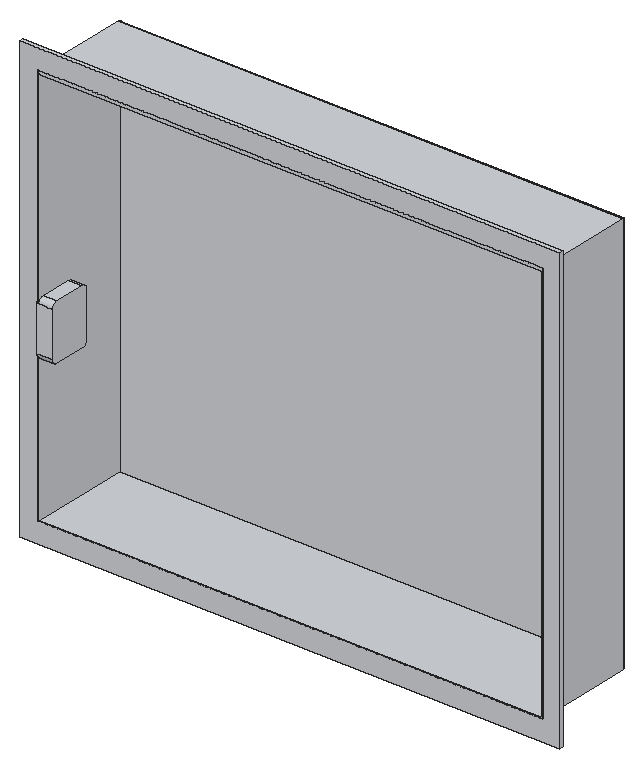
Revit family "НЕВАТОМ_Клапан KD-120-AxB-F1-VN-MN-24(220)-04", category Арматура воздуховодов, Revit 2017
Family settings
  Размер круглого соединителя = Использовать диаметр
  Тип детали = Вставляется
  На основе рабочей плоскости = Нет
  Всегда вертикально = Да
  При загрузке вырезать с полостями = Нет
  Общий = Нет
Parameters (values of type "НЕВАТОМ_Клапан KD-120-AxB-F1-VN-MN-24(220)-04")
  Постоянная ширина [instance] = 200 mm
  НЕВАТОМ_URL [instance] = "https://t.me/NEVATOM_Bim_bot"
  Клапан = "НЕВАТОМ_Клапан KD-120-AxB-F1-VN-MN-24(220)-04"  # constant formula
  НЕВАТОМ_открытое положение заслонки [instance] = no
  НЕВАТОМ_закрытое положение заслонки [instance] = and(not(НЕВАТОМ_открытое положение заслонки))  # yes
  Выбор напряжения [instance] = if(U24, 1 mm, 0 mm)  # 0 mm
  t фланца = 2.5 mm
  t корпуса = 220 mm - 2.5 mm  # 217.5 mm
  h прохода = 220 mm - 5 mm  # 215 mm
  U24 [instance] = no
  U220 [instance] = and(not(U24))  # yes
  B-16 [instance] = B  # 800 mm
  B+80 [instance] = B + 80 mm  # 880 mm
  B+50 [instance] = B + 50 mm  # 850 mm
  B [instance] = 800 mm
  ADSK_Ток = 3 A  # constant formula
  ADSK_Размер_Ширина [instance] = A  # 1000 mm
  ADSK_Размер_Высота [instance] = B  # 800 mm
  ADSK_Предел огнестойкости = "120"  # constant formula
  ADSK_Полная мощность = 4.2 VA  # constant formula
  ADSK_Обозначение = ""
  ADSK_Номинальная мощность = ADSK_Полная мощность * ADSK_Коэффициент мощности  # 4.2 W
  ADSK_Напряжение [instance] = if(U24, 24 V, 220 V)  # 220 V
  ADSK_Наименование [instance] = "Клапан дымоудаления стеновой"  # constant formula
  ADSK_Масса [instance] = size_lookup(Клапан, "N", 0, A, B, Выбор напряжения)  # 20.9
  ADSK_Марка [instance] = size_lookup(Клапан, "", "нестандартное исполнение", A, B, Выбор напряжения)  # "KD-120-1000x800-F1-VN-MN-220"
  ADSK_Коэффициент мощности = 1  # constant formula
  ADSK_Количество = 1  # constant formula
  ADSK_Код изделия = ""
  ADSK_Зона = ""
  ADSK_Завод-изготовитель = "НЕВАТОМ"  # constant formula
  ADSK_Единица измерения = "шт."  # constant formula
  A-10 [instance] = A - 10 mm  # 990 mm
  A+70 [instance] = A + 70 mm  # 1070 mm
  A+40 [instance] = A + 40 mm  # 1040 mm
  A [instance] = 1000 mm
Reference planes
  plane 1 "По центру (Вперед/Назад)": y = 93.784
  plane 2: z = 0
  plane 3 "По центру (Влево/Вправо)": x = 0
  plane 4: y = -106.216
  plane 5: z = 440
  plane 6: z = -440
  plane 7: x = -535
  plane 8: x = 535
  plane 9: x = -500
  plane 10: x = 500
  plane 11: z = 400
  plane 12: z = -400
  plane 13 "заслонка": y = 570
  plane 14: y = -106.216
Forms (mm)
  Extrusion 1, solid, detail levels medium+fine
    sketch origin (0, 93.784, 0) x (1, 0, 0) y (0, 0, 1)
      loop
        line (-535, 440) -> (-535, -440) -> (535, -440) -> (535, 440) -> (-535, 440)
      loop
        line (-500, 400) -> (-500, -400) -> (500, -400) -> (500, 400) -> (-500, 400)
    from 193.784 to 200
  Extrusion 2, solid, detail levels medium+fine
    sketch origin (0, 93.784, 0) x (1, 0, 0) y (0, 0, 1)
      loop
        line (-500, 400) -> (-500, -400) -> (500, -400) -> (500, 400) -> (-500, 400)
      loop
        line (-498, 394.621) -> (-498, -399.108) -> (498, -399.108) -> (498, 394.621) -> (-498, 394.621)
    from 0 to 200
  Extrusion 3, solid, visible <- "НЕВАТОМ_закрытое положение заслонки", detail levels medium+fine
    sketch origin (0, 93.784, 0) x (0, 1, 0) y (0, 0, 1)
      loop
        line (0, 400) -> (0, -400) -> (1.324, -400) -> (1.324, 400) -> (0, 400)
    from 500 to -500
Dimensions and locks
  equal spacing: plane 5, level, plane 6
  equal spacing: plane 11, level, plane 12
  plane 8 to plane 3 "По центру (Влево/Вправо)" to plane 7 = 535 mm, 535 mm
  plane 10 to plane 3 "По центру (Влево/Вправо)" to plane 9 = 500 mm, 500 mm
  "A+70": plane 8 to plane 7
  "A": plane 10 to plane 9
  "B+80": plane 5 to plane 6
  "B-16": plane 11 to plane 12
  locked: Extrusion 1 to Extrusion 1 at 6.216
  locked: Extrusion 2 sketch curve to Extrusion 1 at 0.892
  "Постоянная ширина": plane 1 "По центру (Вперед/Назад)" to plane 4
  Extrusion 2 to Extrusion 3 sketch curve = 1.324 mm
  locked: Extrusion 3 to Extrusion 3 at 1.324
  Extrusion 3 to Extrusion 3 = 1000 mm
  Extrusion 3 to Extrusion 3 = 800 mm
  plane 11 to level to plane 12 = 400 mm, 400 mm
  plane 10 to plane 9 = 1000 mm
  Extrusion 2 sketch curve to Extrusion 2 sketch curve = 2 mm  (x2)
  equal spacing: plane 9, plane 3 "По центру (Влево/Вправо)", plane 10
  plane 9 to plane 10 = 1000 mm
  equal spacing: plane 8, plane 3 "По центру (Влево/Вправо)", plane 7
  aligned and locked: level to plane 2
  aligned and locked: Extrusion 1 sketch curve to plane 5
  aligned and locked: plane 6 to Extrusion 1 sketch curve
  aligned and locked: Extrusion 1 sketch curve to plane 11
  aligned and locked: plane 12 to Extrusion 1 sketch curve
  aligned and locked: Extrusion 1 to plane 4
  aligned and locked: Extrusion 2 sketch curve to plane 11
  aligned and locked: plane 12 to Extrusion 2 sketch curve
  aligned and locked: Extrusion 2 to plane 4
  aligned and locked: Extrusion 2 to plane 1 "По центру (Вперед/Назад)"
  aligned and locked: plane 4 to plane 14
  aligned and locked: plane 12 to Extrusion 3 sketch curve
  aligned and locked: Extrusion 3 sketch curve to plane 11
  aligned and locked: plane 1 "По центру (Вперед/Назад)" to Extrusion 3
  aligned and locked: plane 10 to Extrusion 2
  aligned and locked: Extrusion 3 to plane 9
  aligned and locked: plane 10 to Extrusion 3
  aligned and locked: plane 8 to Extrusion 1
  aligned and locked: Extrusion 1 to plane 7
  aligned and locked: nested 2 to plane 9
Automatic sketch dimensions
  Extrusion 3 sketch curve to plane 1 "По центру (Вперед/Назад)" = 0 mm
  Extrusion 2 sketch curve to plane 11 = 5.379 mm
  Extrusion 2 sketch curve to plane 9 = 0 mm
  Extrusion 2 sketch curve to plane 10 = 0 mm
  Extrusion 1 sketch curve to plane 7 = 0 mm
  plane 7 to Extrusion 1 sketch curve = 35 mm
  Extrusion 1 sketch curve to plane 10 = 0 mm
  plane 10 to Extrusion 1 sketch curve = 35 mm
Nested families
  nested 1: "Семейство1" at (0, 0, 0), A-30 <- "A-10", B-16 <- "B-16", visible <- "НЕВАТОМ_открытое положение заслонки", type "Семейство1"
    with B-16 800 mm, A-30 990 mm
  nested 2: "НЕВАТОМ_Привод Tasa_Sasa" at (-468.878, -59.151, -35) x (0, 1, 0) z (1, 0, 0), type "Привод TASA/SASA", detail levels medium+fine
  nested 3: "НЕВАТОМ_УГО_Клапан KD" at (0, -6.216, 0) x (-1, 0, 0) z (0, 0, 1), Ширина клапана <- "ADSK_Размер_Ширина", Толщина клапана <- "Постоянная ширина", type "НЕВАТОМ_УГО_Клапан KD"
    with Ширина клапана 1000 mm, Толщина клапана 200 mm
Connectors
  hvac at (0, 93.784, -2.243), driven by "B", driven by "A"
    settings: on Extrusion 2, index 1, duct flow 0.0 L/s, flow factor 0, pres drop 0.0 Pa, loss coef 0, conn angle 0.00°, conn width 1000 mm, conn height 800 mm, conn diameter 609.6 mm, duct sys type 28, conn prof type 1, flow config 0, flow direction 0, loss method 0, conn ref index -1, conn util no, is conn primary yes, conn desc ""
  hvac at (0, -106.216, 0), driven by "B", driven by "A"
    settings: on Extrusion 1, index 2, duct flow 0.0 L/s, flow factor 0, pres drop 0.0 Pa, loss coef 0, conn angle 0.00°, conn width 1000 mm, conn height 800 mm, conn diameter 609.6 mm, duct sys type 28, conn prof type 1, flow config 0, flow direction 0, loss method 0, conn ref index -1, conn util no, is conn primary no, conn desc ""
  hvac at (0, -106.216, 0), driven by "B", driven by "A"
    settings: on Extrusion 1, index 3, duct flow 0.0 L/s, flow factor 0, pres drop 0.0 Pa, loss coef 0, conn angle 0.00°, conn width 1000 mm, conn height 800 mm, conn diameter 609.6 mm, duct sys type 28, conn prof type 1, flow config 0, flow direction 0, loss method 0, conn ref index -1, conn util no, is conn primary no, conn desc ""
  electrical at (-500, -6.216, 0), driven by "ADSK_Напряжение", driven by "ADSK_Полная мощность"
    settings: on Extrusion 2, index 4, voltage 220 V, apparent load 0 VA, apparent load phase1 4.2 VA, apparent load phase2 0 VA, apparent load phase3 0 VA, power factor 1, load classification "Прочее", number of poles 1, system type 31, power factor state 1, is connector primary yes, connector utility no, sub classification motor no, connector description ""
Definition of nested family "Семейство1"
  Parameters (values of type "Семейство1")
    B-16 [instance] = 800 mm
    A-30 [instance] = 800 mm
  Reference planes
    plane 1 "По центру (Вперед/Назад)": y = 0
    plane 2: z = 0
    plane 3 "По центру (Влево/Вправо)": x = 0
    plane 4: y = 400
    plane 5: y = -400
    plane 6: x = -400
    plane 7: x = 400
  Forms (mm)
    Extrusion 1, solid
      sketch origin (0, 0, 0) x (1, 0, 0) y (0, 1, 0)
        loop
          line (-400, 400) -> (-400, -400) -> (400, -400) -> (400, 400) -> (-400, 400)
      from 0 to 3.086
  Dimensions and locks
    equal spacing: plane 6, plane 3 "По центру (Влево/Вправо)", plane 7
    equal spacing: plane 4, plane 1 "По центру (Вперед/Назад)", plane 5
    "B-16": plane 4 to plane 5
    "A-30": plane 6 to plane 7
    locked: Extrusion 1 to Extrusion 1 at 3.086  (x2)
    aligned and locked: level to plane 2
    aligned and locked: Extrusion 1 sketch curve to plane 7
    aligned and locked: Extrusion 1 sketch curve to plane 4
    aligned and locked: plane 6 to Extrusion 1 sketch curve
    aligned and locked: plane 5 to Extrusion 1 sketch curve
Definition of nested family "НЕВАТОМ_Привод Tasa_Sasa"
  Parameters (values of type "Привод TASA/SASA")
    ADSK_Этаж = ""
    ADSK_Предел огнестойкости = ""
    ADSK_Позиция = ""
    ADSK_Обозначение = ""
    ADSK_Наименование = "Привод TASA/SASA"  # constant formula
    ADSK_Марка = ""
    ADSK_Количество = 0
    ADSK_Код изделия = ""
    ADSK_Зона = ""
    ADSK_Единица измерения = ""
  Reference planes
    plane 1 "По центру (Вперед/Назад)": y = 0
    plane 2: z = 0
    plane 3 "По центру (Влево/Вправо)": x = 0
  Forms (mm)
    Extrusion 1, solid
      sketch origin (0, 0, 0) x (1, 0, 0) y (0, 1, 0)
        loop
          line (-48.065, 21.815) -> (-48.065, -68.118)
          arc (-48.065, -68.118) -> (-45.136, -75.189) -> (-38.065, -78.118) r 10
          line (-38.065, -78.118) -> (24.429, -78.118)
          arc (24.429, -78.118) -> (31.5, -75.189) -> (34.429, -68.118) r 10
          line (34.429, -68.118) -> (34.429, 21.815)
          arc (34.429, 21.815) -> (31.5, 28.886) -> (24.429, 31.815) r 10
          line (24.429, 31.815) -> (-38.065, 31.815)
          arc (-38.065, 31.815) -> (-45.136, 28.886) -> (-48.065, 21.815) r 10
      from 0 to -31.122
  Dimensions and locks
    aligned and locked: level to plane 2
Definition of nested family "НЕВАТОМ_УГО_Клапан KD"
  Parameters (values of type "НЕВАТОМ_УГО_Клапан KD")
    Ширина косой линии УГО = 150 mm
    Ширина клапана [instance] = 200 mm
    Толщина клапана [instance] = 120 mm
  Reference planes
    plane 1 "По центру (Вперед/Назад)": y = 0
    plane 2: z = 0
    plane 3 "По центру (Влево/Вправо)": x = 0
    plane 4: x = -100
    plane 5: x = 100
    plane 6: y = 60
    plane 7: y = -60
  Lines and regions (mm)
    symbolic lines, not visible
      curve 1: line (-77.5, 60, 0) -> (-77.5, -60, 0)
      curve 2: line (-22.5, 60, 0) -> (-22.5, -60, 0)
      curve 6: line (-50, 60, 0) -> (-50, -60, 0)
    model lines, not visible, detail levels coarse
      curve 3: line (-77.5, -60, 0) -> (-61.458, -24.999, 0)
      curve 4: circle (-50, 0, 0) r 27.5 normal (0, 0, 1)
      curve 5: line (-38.542, 24.999, 0) -> (-22.5, 60, 0)
    model lines, detail levels coarse+medium
      curve 7: line (-100, 60, 0) -> (100, 60, 0)
      curve 8: line (-100, -60, 0) -> (-100, 60, 0)
      curve 9: line (100, -60, 0) -> (-100, -60, 0)
      curve 10: line (100, 60, 0) -> (100, -60, 0)
  Dimensions and locks
    equal spacing: plane 7, plane 1 "По центру (Вперед/Назад)", plane 6
    "Толщина клапана": plane 7 to plane 6
    equal spacing: plane 4, plane 3 "По центру (Влево/Вправо)", plane 5
    "Ширина клапана": plane 4 to plane 5
    aligned and locked: level to plane 2
    aligned and locked: curve 7 to plane 6
    aligned and locked: plane 4 to curve 8
    aligned and locked: curve 9 to plane 7
    aligned and locked: curve 10 to plane 5
    aligned and locked: plane 1 "По центру (Вперед/Назад)" to nested 2
    aligned and locked: plane 3 "По центру (Влево/Вправо)" to nested 2
  Automatic sketch dimensions
    curve 3 to curve 4 = 27.5 mm
    curve 1 to curve 5 = 55 mm
    curve 3 to curve 4 = 60 mm
    curve 4 to curve 5 = 60 mm
    curve 3 to curve 4 = 11.458 mm
    curve 6 to curve 2 = 27.5 mm
    curve 4 to curve 5 = 11.458 mm
    curve 3 to curve 2 = 0 mm
    curve 6 to curve 2 = 0 mm  (x2)
    curve 3 to curve 4 = 24.999 mm
    curve 1 to curve 6 = 0 mm
  Nested families
    nested 1: "РОВЕН_ЛинияДляЗаливкиУГО" at (-50, -0.543, 0), type "РОВЕН_ЛинияДляЗаливкиУГО", not visible
      with l 156.205 mm
    nested 2: "РОВЕН_УгоКлапанДМУ2D" at (0, 0, 0), Толщина клапана <- "Толщина клапана", Ширина клапана <- "Ширина клапана", type "РОВЕН_УгоКлапанДМУ2D", detail levels coarse+medium
      with Ширина клапана 200 mm, Толщина клапана 120 mm
  Definition of nested family "РОВЕН_УгоКлапанДМУ2D"
    Parameters (values of type "РОВЕН_УгоКлапанДМУ2D")
      Ширина клапана [instance] = 250 mm
      Толщина клапана [instance] = 120 mm
      Отступ для УГО = 60 mm
      Материал = none
    Reference planes
      plane 1 "По центру (Вперед/Назад)": y = 0
      plane 2: z = 0
      plane 3 "По центру (Влево/Вправо)": x = 0
      plane 4: x = -125
      plane 5: x = 125
      plane 6: y = 60
      plane 7: y = -60
      plane 8: x = -65
      plane 9: x = 65
      plane 10: z = 1
    Forms (mm)
      Extrusion 1, solid, material <- "Материал"
        sketch origin (0, 0, 0) x (1, 0, 0) y (0, 1, 0)
          loop
            line (-125, 60) -> (-125, -60) -> (125, -60) -> (-125, 60)
        from 0 to 1
    Lines and regions (mm)
      symbolic lines, not visible
        curve 1: line (-77.5, 60, 0) -> (-77.5, -60, 0)
        curve 2: line (-22.5, 60, 0) -> (-22.5, -60, 0)
        curve 6: line (-50, 60, 0) -> (-50, -60, 0)
      model lines, not visible, detail levels coarse
        curve 3: line (-77.5, -60, 0) -> (-61.458, -24.999, 0)
        curve 4: circle (-50, 0, 0) r 27.5 normal (0, 0, 1)
        curve 5: line (-38.542, 24.999, 0) -> (-22.5, 60, 0)
      model lines, not visible, detail levels coarse+medium
        curve 7: line (-125, 60, 0) -> (125, 60, 0)
        curve 8: line (-125, -60, 0) -> (-125, 60, 0)
        curve 9: line (125, -60, 0) -> (-125, -60, 0)
        curve 10: line (125, 60, 0) -> (125, -60, 0)
    Dimensions and locks
      equal spacing: plane 7, plane 1 "По центру (Вперед/Назад)", plane 6
      "Толщина клапана": plane 7 to plane 6
      equal spacing: plane 4, plane 3 "По центру (Влево/Вправо)", plane 5
      "Ширина клапана": plane 4 to plane 5
      "Отступ для УГО": plane 4 to plane 8
      "Отступ для УГО": plane 9 to plane 5
      locked: plane 10 to plane 2 at 1
      aligned and locked: level to plane 2
      aligned and locked: curve 10 to plane 5
      aligned and locked: Extrusion 1 sketch curve to plane 4
      aligned and locked: plane 7 to Extrusion 1 sketch curve  (x2)
      aligned and locked: plane 6 to Extrusion 1 sketch curve
      aligned and locked: plane 5 to Extrusion 1 sketch curve
      aligned and locked: plane 10 to Extrusion 1
    Automatic sketch dimensions
      curve 3 to curve 4 = 27.5 mm
      curve 1 to curve 5 = 55 mm
      curve 3 to curve 4 = 60 mm
      curve 4 to curve 5 = 60 mm
      curve 3 to curve 4 = 11.458 mm
      curve 6 to curve 2 = 27.5 mm
      curve 4 to curve 5 = 11.458 mm
      curve 3 to curve 2 = 0 mm
      curve 6 to curve 2 = 0 mm  (x2)
      curve 3 to curve 4 = 24.999 mm
      curve 1 to curve 6 = 0 mm
      curve 7 to plane 4 = 0 mm
      curve 8 to plane 6 = 0 mm
      plane 7 to curve 9 = 0 mm
    Nested families
      nested 1: "РОВЕН_ЛинияДляЗаливкиУГО" at (-50, -0.543, 0), type "РОВЕН_ЛинияДляЗаливкиУГО", not visible
        with l 150 mm
    Definition of nested family "РОВЕН_ЛинияДляЗаливкиУГО"
      Parameters (values of type "РОВЕН_ЛинияДляЗаливкиУГО")
        l = 60 mm
      Reference planes
        plane 1 "По центру (Вперед/Назад)": y = 0
        plane 2: z = 0
        plane 3 "По центру (Влево/Вправо)": x = 0
        plane 4: y = 60
      Lines and regions (mm)
        model lines, detail levels coarse+medium
          curve 1: line (0, 0, 0) -> (0, 60, 0)
      Dimensions and locks
        "l": plane 1 "По центру (Вперед/Назад)" to plane 4
        aligned and locked: level to plane 2
        aligned and locked: plane 4 to curve 1
        aligned and locked: plane 1 "По центру (Вперед/Назад)" to curve 1
        aligned and locked: plane 3 "По центру (Влево/Вправо)" to curve 1
  Definition of nested family "РОВЕН_ЛинияДляЗаливкиУГО"
    Parameters (values of type "РОВЕН_ЛинияДляЗаливкиУГО")
      l = 60 mm
    Reference planes
      plane 1 "По центру (Вперед/Назад)": y = 0
      plane 2: z = 0
      plane 3 "По центру (Влево/Вправо)": x = 0
      plane 4: y = 60
    Lines and regions (mm)
      model lines, detail levels coarse+medium
        curve 1: line (0, 0, 0) -> (0, 60, 0)
    Dimensions and locks
      "l": plane 1 "По центру (Вперед/Назад)" to plane 4
      aligned and locked: level to plane 2
      aligned and locked: plane 4 to curve 1
      aligned and locked: plane 1 "По центру (Вперед/Назад)" to curve 1
      aligned and locked: plane 3 "По центру (Влево/Вправо)" to curve 1
